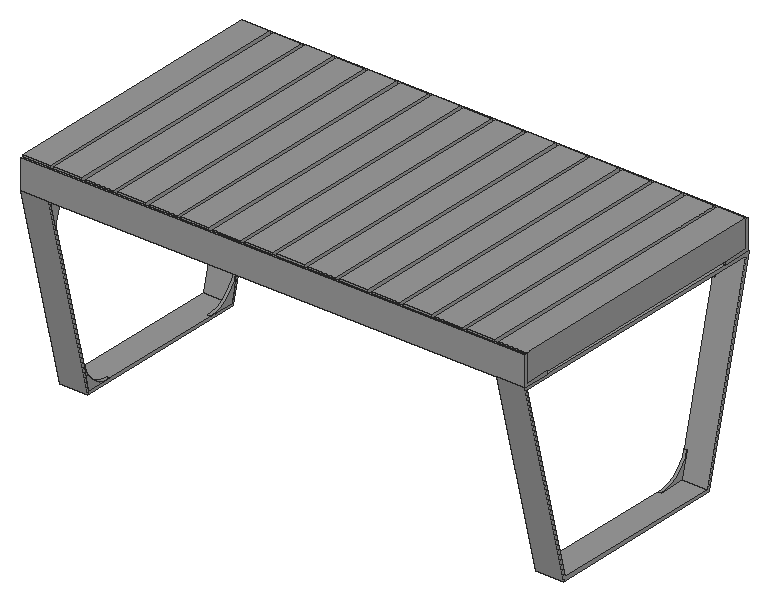
Revit family "Стол уличный «Астана»", category Антураж, Revit 2017
Family settings
  На основе рабочей плоскости = Нет
  Всегда вертикально = Да
  При загрузке вырезать с полостями = Нет
  Источник визуального образа = Геометрия семейства
  Общий = Нет
  Точка расчета площади = Нет
Parameters (values of type "Стол уличный «Астана»_Сосна")
  Стоимость = 44497
  Изготовитель = "ООО \"Хоббика\""
  Высота = 0 mm
  b = ADSK_Размер_Ширина - 20 mm  # 980 mm
  URL = "https://hobbyka.ru/product/stol_ulichnyy_astana/?sphrase_id=94606"
  ADSK_Размер_Ширина = 1000 mm
  ADSK_Размер_Длина = 1800 mm
  ADSK_Размер_Высота = 800 mm
  ADSK_Наименование = "Стол уличный «Астана»"
  ADSK_Материал опоры = FS_Металл_Оцинкованный_Хром
  ADSK_Материал доски = FS_Древесина_Сосна тонированная_Груша
  ADSK_Код изделия = "11372"
Types (3, lengths in mm): name | Стоимость | ADSK_Материал доски
  (no name) | 44497 | FS_Древесина_Сосна тонированная_Груша
  Стол уличный «Астана»_Лиственница | 70620 | FS_Древесина_Лиственница тонированная_Груша
  Стол уличный «Астана»_Сосна | 44497 | FS_Древесина_Сосна тонированная_Груша
Reference planes
  plane 1 "По центру (Вперед/Назад)": y = 0
  plane 2: z = 0
  plane 3 "По центру (Влево/Вправо)": x = 0
  plane 4: x = -900
  plane 5: x = 900
  plane 6: z = 800
  plane 7: y = 490
  plane 8: y = -490
  plane 9: y = 500
  plane 10: y = -500
Forms (mm)
  Extrusion 1, solid, material "FS_Металл_Оцинкованный_Хром" <- "ADSK_Материал опоры"
    sketch origin (0, 0, 0) x (0, 1, 0) y (0, 0, 1)
      loop
        line (-500, 695) -> (-400, 695) -> (-400, 705) -> (-490, 705) -> (-490, 800) -> (-500, 800) -> (-500, 695)
    from -900 to 900
  Extrusion 2, solid, material "FS_Металл_Оцинкованный_Хром" <- "ADSK_Материал опоры"
    sketch origin (0, 0, 0) x (0, -1, 0) y (0, 0, -1)
      loop
        line (-500, -695) -> (-500, -800) -> (-490, -800) -> (-490, -705) -> (-400, -705) -> (-400, -695) -> (-500, -695)
    from -900 to 900
Dimensions and locks
  equal spacing: plane 4, plane 3 "По центру (Влево/Вправо)", plane 5
  "ADSK_Размер_Длина": plane 4 to plane 5
  "ADSK_Размер_Высота": plane 6 to level
  nested 1 to level = 695 mm
  plane 6 to nested 1 = 105 mm
  equal spacing: plane 8, plane 1 "По центру (Вперед/Назад)", plane 7
  equal spacing: group 1, group 3, group 4, group 5, group 6, group 7, group 8, group 9, group 10, group 11, group 12, group 13, group 14, group 15, group 16, group 2  (x3)
  Extrusion 2 to Extrusion 1 = 1000 mm
  equal spacing: plane 10, plane 1 "По центру (Вперед/Назад)", plane 9
  plane 1 "По центру (Вперед/Назад)" to plane 9 = 500 mm
  "ADSK_Размер_Ширина": plane 10 to plane 9
  aligned and locked: level to plane 2
  aligned and locked: nested 1 to plane 4
  aligned and locked: plane 5 to nested 2
  aligned and locked: nested 2 to plane 1 "По центру (Вперед/Назад)"
  aligned and locked: plane 1 "По центру (Вперед/Назад)" to nested 1
  aligned and locked: Extrusion 1 to plane 4
  aligned and locked: plane 5 to Extrusion 1
  aligned and locked: Extrusion 2 to plane 4
  aligned and locked: plane 5 to Extrusion 2
  aligned and locked: plane 4 to nested 3
  aligned and locked: plane 7 to Extrusion 2
  aligned and locked: nested 3 to plane 7
Automatic sketch dimensions
  Extrusion 1 sketch curve to plane 6 = 0 mm
  Extrusion 1 sketch curve to plane 6 = 105 mm
  plane 1 "По центру (Вперед/Назад)" to Extrusion 1 sketch curve = 500 mm
  Extrusion 1 sketch curve to Extrusion 1 sketch curve = 10 mm  (x2)
  Extrusion 1 sketch curve to Extrusion 1 sketch curve = 90 mm
  Extrusion 2 sketch curve to plane 6 = 0 mm
  plane 6 to Extrusion 2 sketch curve = 105 mm
  plane 1 "По центру (Вперед/Назад)" to Extrusion 2 sketch curve = 500 mm
  Extrusion 2 sketch curve to Extrusion 2 sketch curve = 10 mm  (x2)
  Extrusion 2 sketch curve to Extrusion 2 sketch curve = 90 mm
Nested families
  nested 1: "Опора" at (-850, 0, 0), Материал <- "ADSK_Материал опоры", type "Опора"
    with Материал FS_Металл_Оцинкованный_Хром
  nested 2: "Опора" at (850, 0, 0) x (-1, 0, 0) z (0, 0, 1), Материал <- "ADSK_Материал опоры", type "Опора"
    with Материал FS_Металл_Оцинкованный_Хром
  nested 3: "Доска" at (-900, 490, 705), Ширина <- "b", Материал <- "ADSK_Материал доски", type "Доска"
    with Ширина 980 mm, Материал FS_Древесина_Сосна тонированная_Груша
  nested 4: "Доска" at (800, 490, 705), Ширина <- "b", Материал <- "ADSK_Материал доски", type "Доска"
    with Ширина 980 mm, Материал FS_Древесина_Сосна тонированная_Груша
  nested 5: "Доска" at (-786.667, 490, 705), Ширина <- "b", Материал <- "ADSK_Материал доски", type "Доска"
    with Ширина 980 mm, Материал FS_Древесина_Сосна тонированная_Груша
  nested 6: "Доска" at (-673.333, 490, 705), Ширина <- "b", Материал <- "ADSK_Материал доски", type "Доска"
    with Ширина 980 mm, Материал FS_Древесина_Сосна тонированная_Груша
  nested 7: "Доска" at (-560, 490, 705), Ширина <- "b", Материал <- "ADSK_Материал доски", type "Доска"
    with Ширина 980 mm, Материал FS_Древесина_Сосна тонированная_Груша
  nested 8: "Доска" at (-446.667, 490, 705), Ширина <- "b", Материал <- "ADSK_Материал доски", type "Доска"
    with Ширина 980 mm, Материал FS_Древесина_Сосна тонированная_Груша
  nested 9: "Доска" at (-333.333, 490, 705), Ширина <- "b", Материал <- "ADSK_Материал доски", type "Доска"
    with Ширина 980 mm, Материал FS_Древесина_Сосна тонированная_Груша
  nested 10: "Доска" at (-220, 490, 705), Ширина <- "b", Материал <- "ADSK_Материал доски", type "Доска"
    with Ширина 980 mm, Материал FS_Древесина_Сосна тонированная_Груша
  nested 11: "Доска" at (-106.667, 490, 705), Ширина <- "b", Материал <- "ADSK_Материал доски", type "Доска"
    with Ширина 980 mm, Материал FS_Древесина_Сосна тонированная_Груша
  nested 12: "Доска" at (6.667, 490, 705), Ширина <- "b", Материал <- "ADSK_Материал доски", type "Доска"
    with Ширина 980 mm, Материал FS_Древесина_Сосна тонированная_Груша
  nested 13: "Доска" at (120, 490, 705), Ширина <- "b", Материал <- "ADSK_Материал доски", type "Доска"
    with Ширина 980 mm, Материал FS_Древесина_Сосна тонированная_Груша
  nested 14: "Доска" at (233.333, 490, 705), Ширина <- "b", Материал <- "ADSK_Материал доски", type "Доска"
    with Ширина 980 mm, Материал FS_Древесина_Сосна тонированная_Груша
  nested 15: "Доска" at (346.667, 490, 705), Ширина <- "b", Материал <- "ADSK_Материал доски", type "Доска"
    with Ширина 980 mm, Материал FS_Древесина_Сосна тонированная_Груша
  nested 16: "Доска" at (460, 490, 705), Ширина <- "b", Материал <- "ADSK_Материал доски", type "Доска"
    with Ширина 980 mm, Материал FS_Древесина_Сосна тонированная_Груша
  nested 17: "Доска" at (573.333, 490, 705), Ширина <- "b", Материал <- "ADSK_Материал доски", type "Доска"
    with Ширина 980 mm, Материал FS_Древесина_Сосна тонированная_Груша
  nested 18: "Доска" at (686.667, 490, 705), Ширина <- "b", Материал <- "ADSK_Материал доски", type "Доска"
    with Ширина 980 mm, Материал FS_Древесина_Сосна тонированная_Груша
Definition of nested family "Опора"
  Parameters (values of type "Опора")
    Материал [instance] = none
    Height = 0 mm
  Reference planes
    plane 1 "По центру (Вперед/Назад)": y = 0
    plane 2: z = 0
    plane 3 "По центру (Влево/Вправо)": x = 0
    plane 4: z = 695
    plane 5: y = -500
    plane 6: y = 500
    plane 7: y = -325
    plane 8: y = 325
    plane 9: y = 400
    plane 10: z = 595
    plane 11: z = 100
    plane 12: y = 225
  Forms (mm)
    Extrusion 1, solid, material <- "Материал"
      sketch origin (0, 0, 0) x (0, 1, 0) y (0, 0, 1)
        loop
          line (-325, 0) -> (325, 0) -> (500, 695) -> (-500, 695) -> (-325, 0)
        loop
          line (487.17, 685) -> (-487.17, 685) -> (-317.206, 10) -> (317.206, 10) -> (487.17, 685)
      from -50 to 50
    Extrusion 2, solid, material <- "Материал"
      sketch origin (0, 0, 0) x (0, 1, 0) y (0, 0, 1)
        loop
          arc (400, 685) -> (451.366, 653.699) -> (464.508, 595) r 76.936
          line (464.508, 595) -> (487.17, 685) -> (400, 685)
        loop
          line (-400, 685) -> (-487.17, 685) -> (-464.508, 595)
          arc (-464.508, 595) -> (-451.366, 653.699) -> (-400, 685) r 76.936
      from 40 to 50
    Extrusion 3, solid, material <- "Материал"
      sketch origin (0, 0, 0) x (0, 1, 0) y (0, 0, 1)
        loop
          line (225.862, 9.997) -> (317.206, 10) -> (339.156, 97.173)
          arc (339.156, 97.173) -> (297.338, 34.313) -> (225.862, 9.997) r 117.207
        loop
          arc (-225.862, 9.997) -> (-297.338, 34.313) -> (-339.156, 97.173) r 117.207
          line (-339.156, 97.173) -> (-317.206, 10) -> (-225.862, 9.997)
      from 40 to 50
  Dimensions and locks
    plane 4 to level = 695 mm
    equal spacing: plane 8, plane 1 "По центру (Вперед/Назад)", plane 7
    plane 8 to plane 1 "По центру (Вперед/Назад)" = 325 mm
    equal spacing: plane 6, plane 1 "По центру (Вперед/Назад)", plane 5
    plane 6 to plane 1 "По центру (Вперед/Назад)" = 500 mm
    plane 4 to plane 10 = 100 mm
    plane 6 to plane 9 = 100 mm
    plane 11 to level = 100 mm
    plane 8 to plane 12 = 100 mm
    aligned and locked: level to plane 2
  Automatic sketch dimensions
    Extrusion 1 sketch curve to plane 4 = 0 mm
    Extrusion 1 sketch curve to plane 5 = 0 mm
    Extrusion 1 sketch curve to level = 0 mm
    Extrusion 1 sketch curve to plane 7 = 0 mm
    Extrusion 1 sketch curve to plane 8 = 0 mm
    Extrusion 1 sketch curve to plane 6 = 0 mm
    Extrusion 1 sketch curve to plane 5 = 12.83 mm
    Extrusion 1 sketch curve to plane 7 = 7.794 mm
    plane 8 to Extrusion 1 sketch curve = 7.794 mm
    plane 6 to Extrusion 1 sketch curve = 12.83 mm
    level to Extrusion 1 sketch curve = 10 mm
    Extrusion 1 sketch curve to plane 4 = 10 mm
    Extrusion 3 sketch curve to plane 11 = 2.827 mm  (x2)
    plane 7 to Extrusion 3 sketch curve = 14.156 mm
    Extrusion 3 sketch curve to plane 7 = 7.794 mm
    plane 11 to Extrusion 3 sketch curve = 27.204 mm  (x2)
    Extrusion 3 sketch curve to plane 7 = 99.138 mm
    Extrusion 3 sketch curve to plane 12 = 0.862 mm
    plane 8 to Extrusion 3 sketch curve = 7.794 mm
    Extrusion 3 sketch curve to plane 8 = 14.156 mm
    level to Extrusion 3 sketch curve = 10 mm  (x2)
    Extrusion 3 sketch curve to Extrusion 3 sketch curve = 0 mm  (x2)
    Extrusion 2 sketch curve to plane 10 = 0 mm  (x2)
    Extrusion 2 sketch curve to plane 9 = 0 mm
    plane 9 to Extrusion 2 sketch curve = 11.166 mm
    plane 10 to Extrusion 2 sketch curve = 13.878 mm  (x2)
    plane 7 to Extrusion 2 sketch curve = 63.834 mm
    Extrusion 2 sketch curve to plane 4 = 10 mm
    plane 7 to Extrusion 2 sketch curve = 75 mm
    Extrusion 2 sketch curve to plane 5 = 12.83 mm
    plane 6 to Extrusion 2 sketch curve = 35.492 mm
    plane 6 to Extrusion 2 sketch curve = 12.83 mm
Definition of nested family "Доска"
  Parameters (values of type "Доска")
    Ширина [instance] = 760 mm
    Default Elevation = 1219.2 mm
    Материал [instance] = none
  Reference planes
    plane 1 "По центру (Вперед/Назад)": y = 0
    plane 2: z = 0
    plane 3 "По центру (Влево/Вправо)": x = 0
  Forms (mm)
    Extrusion 1, solid
      sketch origin (0, 0, 0) x (1, 0, 0) y (0, 1, 0)
        loop
          line (-1219.2, 1219.2) -> (-1219.2, -1219.2) -> (1219.2, -1219.2) -> (1219.2, 1219.2) -> (-1219.2, 1219.2)
      from 0 to -304.8
    Extrusion 2, solid, material <- "Материал"
      sketch origin (0, 0, 0) x (1, 0, 0) y (0, 1, 0)
        loop
          line (0, 0) -> (0, -760) -> (100, -760) -> (100, 0) -> (0, 0)
      from 0 to 100
  Dimensions and locks
    "Ширина": Extrusion 2 sketch curve to plane 1 "По центру (Вперед/Назад)"
    Extrusion 2 sketch curve to Extrusion 2 sketch curve = 100 mm
    aligned and locked: plane 2 to Extrusion 1
    aligned and locked: level to Extrusion 1
    aligned and locked: plane 3 "По центру (Влево/Вправо)" to Extrusion 2 sketch curve
  Automatic sketch dimensions
    Extrusion 1 sketch curve to Extrusion 1 sketch curve = 2438.4 mm  (x2)
    plane 1 "По центру (Вперед/Назад)" to Extrusion 2 sketch curve = 0 mm
